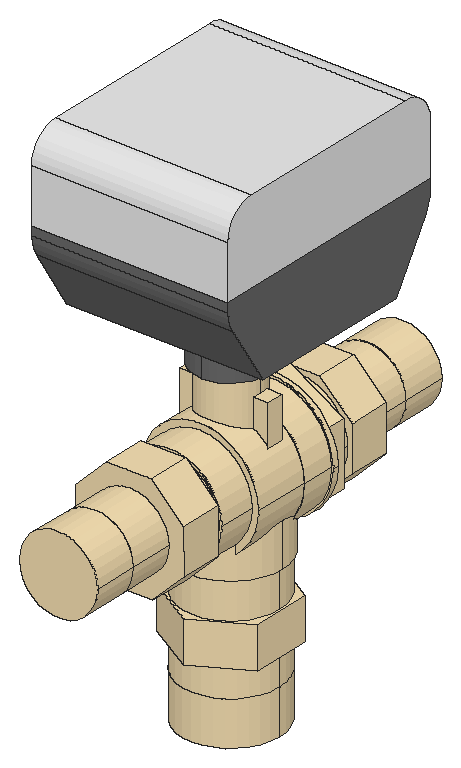
Revit family "1.rvt", category Pipe Accessories, Revit 2018
Family settings
  Round Connector Dimension = Use Diameter
  Part Type = Normal
  OmniClass Number = 23.65.00.00
  OmniClass Title = Supply and Distribution of Liquids and Gases
  Work Plane-Based = No
  Always vertical = No
  Cut with Voids When Loaded = No
  Shared = No
Parameters (values of type "1" - 3 ways")
  Youtube clip = ""
  Weight Net (Kg) = ""
  Voltage = 230 V
  Uniformat II Description = "HVAC"  # constant formula
  Uniformat II Code = "D30"  # constant formula
  Uniclass 2015 Name = "Heating, cooling and refrigeration systems"  # constant formula
  Uniclass 2015 Code = "Ss_60"  # constant formula
  Uniclass 2.0 Description = "Valves"  # constant formula
  Uniclass 2.0 Code = "PR-94"  # constant formula
  Uniclass 1.4 Description = "Valves"  # constant formula
  Uniclass 1.4 Code = "L7136"  # constant formula
  URL = "www.pintossi.it"
  UNSPSC Code = "401416"  # constant formula
  Torque = 800 mm  # constant formula
  Technical description = ""
  Rotation angle = "-10÷55°C"  # constant formula
  Region South America = "AR, BO, BR, CL, CO, EC, FK, GF, GY, PE, PY, SR, UY, VE"  # constant formula
  Region Oceania = "AS, AU, CK, FJ, FM, GU, KI, MH, MP, NC, NF, NR, NU, NZ, PF, PG, PN, PW, SB, TK, TL, TO, TV, UM, WF, WS, VU"  # constant formula
  Region North America = "AG, AI, AW, BB, BL, BM, BQ, BS, BZ, CA, CR, CU, CW, DM, DO, GD, GL, GP, GT, HN, HT, JM, KN, KY, LC, MF, MQ, MS, MX, NI, PA, PM, PR, SV, SX, TC, TT, US, VC, VG, VI"  # constant formula
  Region Middle East = "AE, AF, BH, EG, IL, IQ, IR, JO, KW, LB, OM, PS, QA, SA, SY, TR, YE"  # constant formula
  Region Europe = "AD, AL, AT, AX, BA, BE, BG, BY, CH, CY, CZ, DE, DK, EE, ES, FI, FO, FR, GB, GG, GI, GR, HR, HU, IE, IM, IS, IT, JE, LI, LT, LU, LV, MC, MD, ME, MK, MT, NL, NO, PL, PT, RO, RS, RU, SE, SI, SJ, SK, SM, UA, VA"  # constant formula
  Region Asia = "AM, AZ, BD, BN, BT, CC, CN, CX, GE, HK, ID, IN, IO, JP, KG, KH, KR, KZ, LA, LK, MM, MN, MO, MV, MY, NP, PH, PK, SG, TH, TJ, TM, TW, UZ, VN"  # constant formula
  Region Antarctica = "AQ, BV, GS, HM, TF"  # constant formula
  Region Africa = "AO, BF, BI, BJ, BW, CD, CF, CG, CI, CM, CV, DJ, DZ, EH, ER, ET, GA, GH, GM, GN, GQ, GW, KE, KM, LR, LS, LY, MA, MG, ML, MR, MU, MW, MZ, NA, NE, NG, RE, RW, SC, SD, SH, SL, SN, SO, SS, ST, SZ, TD, TG, TN, TZ, UG, YT, ZA, ZM, ZW"  # constant formula
  Radius Outer = 16.5 mm
  QR code = ""
  Protection level = 90.00°  # constant formula
  Product url = ""
  Product group = "Ball zone valves"  # constant formula
  Product family = "Zone valves"  # constant formula
  Product data url = "https://www.bimobject.com/pintossi/product/773-3-ways-ball-zone-valves"
  Product certification = ""
  Product SKU = ""
  Product Guid = "33698341-e965-4c2e-ad69-203d5952db6d"  # constant formula
  PH: = "Between 7 and 8Between 7 and 8"  # constant formula
  OmniClass Description = "Valves"  # constant formula
  OmniClass Code = "23-27 31 00"  # constant formula
  NBS Reference Description = "Valves"  # constant formula
  NBS Reference Code = "94"  # constant formula
  Motorized [instance] = yes
  Model = "773"  # constant formula
  Maximum working temperature = 110 °C  # constant formula
  Maximum working pressure = 1000000.0 Pa  # constant formula
  Maximum percentage of glycol [%] = 30  # constant formula
  Material secondary = ""
  Material main = "Brass"  # constant formula
  Masterformat 2014 Description = "Heating, Ventilating and Air Conditioning (HVAC)"  # constant formula
  Masterformat 2014 Code = "23 00 00"  # constant formula
  Manufacturer name = "Pintossi+c"  # constant formula
  Manufacturer country = ""
  Manufacturer = "Pintossi+c"  # constant formula
  Mainfold Length = 145 mm
  Main Inlet/Outlet Radius = 12.7 mm
  Main Inlet/Outlet Diameter = 25.4 mm
  Iron (FE): = "< 0,5 mg/kg (< 0,1 mg/kg for steam)"  # constant formula
  Installation instructions = ""
  IFC Classification = "Valve"  # constant formula
  G = 15 mm
  Fluid aspect: = "Limpid"  # constant formula
  Edition number = 1
  EAN code = ""
  Design country = "Italy"  # constant formula
  Description = "Pintossi+C motorized zone valves are the perfect solution to be used when a thermal regulation divided in more enviroments is needed, connecting the valve to a room thermostat, giving the information of opening/closing, depending on the set temperature.\r\n\r\nPintossi+C zone valves garantuee high performance levels: reduced dimensions and ease of use during installation allow to automatically intercept the fluid in hydraulic water systems and zone heating systems.\r\n\r\nBesides the valve is equipped with APS (Anti-locking Pintossi System) a unique patented mechanism which prevent the opening and closing operation locking caused by dirt and limescale.\r\n\r\n3 ways motorized zone valve can be used in traditional heating system to divert the flow back or to switch from summer to winter mode, to use the system to heat up or cool down the room.\r\n\r\nAll the valves are equipped with pipe unions for an easy installtion.\r\n\r\nMain features:\r\n\r\n- No seepage\r\n\r\n- Short opening and closing times\r\n\r\n- Operational capacity with high differential pressures\r\n\r\n- Low head losses thanks to the full bore flow\r\n\r\n- Match with any type of 3-contact controls\r\n\r\nThe valve can be easily motorized using Pintossi+C actuator art.770 that can be used even with manual option."  # constant formula
  Date of publishing = ""
  Copper (CU): = "< 0,1 mg/kg (< 0,05 mg/kg for steam)"  # constant formula
  Connector [instance] = if(Motorized, "Motorized electrical", "Not Available")  # "Motorized electrical"
  Conector Length = 75 mm
  Conditioning: = "as indicated by the producer"  # constant formula
  COBIe Type Category = ""
  Brand url = "http://www.pintossi.it/"
  Body Material = Pintossi - Metal - Brass CW617N
  BIMobject category = "HVAC: Other HVAC"  # constant formula
  Application fluids = "Water or glycol solutions"  # constant formula
  Antifreeze: = "Passiveted Propylene Glycol"  # constant formula
Types (2, lengths in mm): name | Radius Outer | Mainfold Length | Main Inlet/Outlet Radius | Main Inlet/Outlet Diameter | G | Conector Length
  1" - 3 ways | 16.5 | 145 | 12.7 | 25.4 | 15 | 75
  3/4" - 3 ways | 13.05 | 135 | 9.5 | 19.1 | 12 | 70
Reference planes
  plane 1 "Center (Front/Back)": y = 0
  plane 2: z = 0
  plane 3 "Center (Left/Right)": x = 0
  plane 4: y = 72.5
  plane 5: y = -72.5
  plane 6: z = -75
  plane 7: y = -57.5
  plane 8: y = 57.5
  plane 9: z = -60
Forms (mm)
  Sweep 1, solid, material "Pintossi - Metal - Brass CW617N" <- "Body Material", detail levels fine
    path origin (0, 0, 0) x (1, 0, 0) y (0, 1, 0)
      loop
        line (0, 42.4) -> (0, 28.4)
    profile origin (0, 35.4, 0) x (1, 0, 0) y (0, 0, 1)
      loop
        line (-18.358, 7.417) -> (-18.226, -7.736) -> (-7.417, -18.358) -> (7.736, -18.226) -> (18.358, -7.417) -> (18.226, 7.736) -> (7.417, 18.358) -> (-7.736, 18.226) -> (-18.358, 7.417)
  Sweep 2, solid, material "Pintossi - Metal - Brass CW617N" <- "Body Material", detail levels fine
    path origin (0, 0, 0) x (1, 0, 0) y (0, 1, 0)
      loop
        line (0, 24.916) -> (0, 28.4)
    profile origin (0, 26.658, 0) x (-1, 0, 0) y (0, 0, 1)
      loop
        circle (0, 0) r 16.5
  Sweep 3, solid, material "Pintossi - Metal - Brass CW617N" <- "Body Material", detail levels fine
    path origin (0, 0, 0) x (1, 0, 0) y (0, -1, 0)
      loop
        line (0, 42.4) -> (0, 28.4)
    profile origin (0, -35.4, 0) x (-1, 0, 0) y (0, 0, 1)
      loop
        line (18.358, 7.417) -> (7.736, 18.226) -> (-7.417, 18.358) -> (-18.226, 7.736) -> (-18.358, -7.417) -> (-7.736, -18.226) -> (7.417, -18.358) -> (18.226, -7.736) -> (18.358, 7.417)
  Sweep 4, solid, material "Pintossi - Metal - Brass CW617N" <- "Body Material", detail levels fine
    path origin (0, 0, 0) x (1, 0, 0) y (0, 1, 0)
      loop
        line (0, 24.916) -> (0, 18.7)
    profile origin (0, 21.808, 0) x (1, 0, 0) y (0, 0, 1)
      loop
        line (18.187, 10.5) -> (0, 21) -> (-18.187, 10.5) -> (-18.187, -10.5) -> (0, -21) -> (18.187, -10.5) -> (18.187, 10.5)
  Sweep 5, solid, material "Pintossi - Metal - Brass CW617N" <- "Body Material", detail levels fine
    path origin (0, 0, 0) x (1, 0, 0) y (0, 1, 0)
      loop
        line (0, 18.7) -> (0, 16.969)
    profile origin (0, 17.834, 0) x (1, 0, 0) y (0, 0, 1)
      loop
        circle (0, 0) r 21
  Sweep 6, solid, material "Pintossi - Metal - Brass CW617N" <- "Body Material", detail levels fine
    path origin (0, 0, 0) x (1, 0, 0) y (0, 1, 0)
      loop
        line (0, 16.969) -> (0, 5.967)
    profile origin (0, 11.468, 0) x (1, 0, 0) y (0, 0, 1)
      loop
        circle (0, 0) r 20.25
  Sweep 7, solid, material "Pintossi - Metal - Brass CW617N" <- "Body Material", detail levels fine
    path origin (0, 0, 0) x (1, 0, 0) y (0, 1, 0)
      loop
        line (0, 5.967) -> (0, -13)
    profile origin (0, -3.516, 0) x (1, 0, 0) y (0, 0, 1)
      loop
        circle (0, 0) r 19.75
  Sweep 8, solid, material "Pintossi - Metal - Brass CW617N" <- "Body Material", detail levels fine
    path origin (0, 0, 0) x (1, 0, 0) y (0, 1, 0)
      loop
        line (0, -13) -> (0, -25.8)
    profile origin (0, -19.4, 0) x (1, 0, 0) y (0, 0, 1)
      loop
        circle (0, 0) r 17.5
  Sweep 9, solid, material "Pintossi - Metal - Brass CW617N" <- "Body Material", not visible, detail levels fine
    path origin (0, 0, 0) x (1, 0, 0) y (0, 1, 0)
      loop
        line (0, -25.8) -> (0, -28.4)
    profile origin (0, -27.1, 0) x (1, 0, 0) y (0, 0, 1)
      loop
        circle (0, 0) r 16.5
  Sweep 10, solid, material "Pintossi - Metal - Brass CW617N" <- "Body Material", detail levels fine
    path origin (0, 0, 0) x (0, 1, 0) y (0, 0, 1)
      loop
        line (0, 0) -> (0, 32.689)
    profile origin (0, 0, 16.344) x (0, -1, 0) y (1, 0, 0)
      loop
        circle (0, 0) r 10
  Sweep 11, solid, material "Pintossi - Metal - Brass CW617N" <- "Body Material", detail levels fine
    path origin (0, 0, 0) x (0, 1, 0) y (0, 0, 1)
      loop
        line (0, 32.689) -> (0, 35.614)
    profile origin (0, 0, 34.152) x (0, -1, 0) y (1, 0, 0)
      loop
        circle (0, 0) r 8.25
  Sweep 12, solid, material "Pintossi - Metal - Brass CW617N" <- "Body Material", detail levels fine
    path origin (0, 0, 0) x (0, 1, 0) y (0, 0, 1)
      loop
        line (0, 35.614) -> (0, 37.2)
    profile origin (0, 0, 36.407) x (0, -1, 0) y (1, 0, 0)
      loop
        circle (0, 0) r 10
  Sweep 13, solid, material "Pintossi - Metal - Brass CW617N" <- "Body Material", detail levels fine
    path origin (0, 0, 0) x (1, 0, 0) y (0, 0, 1)
      loop
        line (0, 37.2) -> (0, 40)
    profile origin (0, 0, 38.6) x (-1, 0, 0) y (0, -1, 0)
      loop
        circle (0, 0) r 7.6
  Extrusion 14, solid, material "Pintossi - Metal - Brass CW617N" <- "Body Material", detail levels fine
    sketch origin (0, 0, 0) x (1, 0, 0) y (0, 1, 0)
      loop
        line (-8.572, 2.858) -> (-14.873, 2.858) -> (-14.873, -2.856) -> (-8.572, -2.856) -> (-8.572, 2.858)
    from 0 to 26.5
  Extrusion 15, solid, material "Pintossi - Metal - Brass CW617N" <- "Body Material", detail levels fine
    sketch origin (0, 0, 0) x (-1, 0, 0) y (0, -1, 0)
      loop
        line (-8.572, -2.858) -> (-8.572, 2.856) -> (-14.873, 2.856) -> (-14.873, -2.858) -> (-8.572, -2.858)
    from 0 to 26.5
  Sweep 16, solid, material "Pintossi - Metal - Brass CW617N" <- "Body Material", detail levels fine
    path origin (0, 0, 0) x (0, 1, 0) y (0, 0, 1)
      loop
        line (0, 0) -> (0, -24)
    profile origin (0, 0, -12) x (1, 0, 0) y (0, 1, 0)
      loop
        circle (0, 0) r 17.5
  Sweep 17, solid, material "Pintossi - Metal - Brass CW617N", detail levels fine
    path origin (0, 0, 0) x (0, 1, 0) y (0, 0, 1)
      loop
        line (0, -36.5) -> (0, -50.5)
    profile origin (0, 0, -43.5) x (1, 0, 0) y (0, 1, 0)
      loop
        line (17.147, 9.9) -> (0, 19.8) -> (-17.147, 9.9) -> (-17.147, -9.9) -> (0, -19.8) -> (17.147, -9.9) -> (17.147, 9.9)
  Sweep 18, solid, material "Pintossi - Metal - Brass CW617N" <- "Body Material", detail levels fine
    path origin (0, 0, 0) x (0, 1, 0) y (0, 0, 1)
      loop
        line (0, -60) -> (0, -75)
    profile origin (0, 0, -67.5) x (1, 0, 0) y (0, 1, 0)
      loop
        circle (0, 0) r 16.5
  Sweep 19, solid, material "Pintossi - Metal - Brass CW617N" <- "Body Material", detail levels fine
    path origin (0, 0, 0) x (0, 1, 0) y (0, 0, 1)
      loop
        line (0, -24) -> (0, -36.5)
    profile origin (0, 0, -30.25) x (1, 0, 0) y (0, 1, 0)
      loop
        circle (0, 0) r 16.5
  Sweep 20, solid, material "Pintossi - Metal - Brass CW617N" <- "Body Material", detail levels fine
    path origin (-0.007, 0, 0) x (1, 0, 0) y (0, 1, 0)
      loop
        line (0, -57.5) -> (0, -72.5)
    profile origin (-0.007, -65, 0) x (1, 0, 0) y (0, 0, 1)
      loop
        circle (0, 0) r 13.05
  Sweep 21, solid, material "Pintossi - Metal - Brass CW617N" <- "Body Material", detail levels fine
    path origin (0, 0, 0) x (1, 0, 0) y (0, 1, 0)
      loop
        line (-0.007, -57.5) -> (-0.007, -42.518)
    profile origin (-0.007, -50.009, 0) x (-1, 0, 0) y (0, 0, 1)
      loop
        circle (-0.007, 0) r 13
  Sweep 22, solid, material "Pintossi - Metal - Brass CW617N" <- "Body Material", detail levels fine
    path origin (0, 0, 0) x (1, 0, 0) y (0, 1, 0)
      loop
        line (0, -25.828) -> (0, -35.028)
    profile origin (0, -30.428, 0) x (1, 0, 0) y (0, 0, 1)
      loop
        circle (0, 0) r 16.6
  Extrusion 23, solid, material "Pintossi - Plastic - Black ABS", visible <- "Motorized", detail levels fine
    sketch origin (-0.015, 5.987, -91.811) x (0, 1, 0) y (-1, 0, 0)
      loop
        circle (-5.987, -0.015) r 12.093
    from 124.5 to 142.5
  Extrusion 24, solid, material "Pintossi - Plastic - ABS", visible <- "Motorized", detail levels fine
    sketch origin (-0.015, 0.225, -91.811) x (0, 1, 0) y (0, 0, 1)
      loop
        arc (-32.54, 200.5) -> (-39.765, 197.507) -> (-42.757, 190.283) r 10.217
        line (-42.757, 190.283) -> (-42.757, 172.272) -> (42.307, 172.272) -> (42.307, 190.283)
        arc (42.307, 190.283) -> (39.314, 197.507) -> (32.09, 200.5) r 10.217
        line (32.09, 200.5) -> (-32.54, 200.5)
    from -33 to 33.076
  Extrusion 25, solid, material "Pintossi - Plastic - Black ABS", visible <- "Motorized", detail levels fine
    sketch origin (-0.015, 1.817, -78.651) x (0, 1, 0) y (0, 0, 1)
      loop
        line (-29.782, 129.339) -> (26.147, 129.339) -> (38.803, 149.593)
        arc (38.803, 149.593) -> (40.217, 152.769) -> (40.701, 156.21) r 12.487
        line (40.701, 156.21) -> (40.701, 159.111) -> (-44.335, 159.111) -> (-44.335, 156.21)
        arc (-44.335, 156.21) -> (-43.852, 152.769) -> (-42.438, 149.593) r 12.487
        line (-42.438, 149.593) -> (-29.782, 129.339)
    from -33 to 33.076
  Extrusion 26, solid, material "Pintossi - Plastic - Black ABS", visible <- "Motorized", detail levels fine
    sketch origin (-0.015, 7.579, -78.651) x (0, 1, 0) y (0, 0, 1)
      loop
        circle (6.785, 139.455) r 5
    from -23.92 to -34.876
  Extrusion 27, solid, material "Pintossi - Plastic - Black ABS", visible <- "Motorized", not visible, detail levels fine
    sketch origin (-0.015, 5.987, -91.811) x (0, 1, 0) y (-1, 0, 0)
      loop
        circle (-5.987, -0.015) r 12.093
    from 124.5 to 142.5
  Sweep 28, solid, material "Pintossi - Metal - Brass CW617N" <- "Body Material", detail levels fine
    path origin (-0.007, 0, 0) x (1, 0, 0) y (0, 1, 0)
      loop
        line (0, 57.5) -> (0, 72.5)
    profile origin (-0.007, 65, 0) x (-1, 0, 0) y (0, 0, 1)
      loop
        circle (0, 0) r 13.05
  Sweep 29, solid, material "Pintossi - Metal - Brass CW617N" <- "Body Material", detail levels fine
    path origin (0, 0, 0) x (1, 0, 0) y (0, -1, 0)
      loop
        line (-0.007, -57.5) -> (-0.007, -42.4)
    profile origin (-0.007, 49.95, 0) x (1, 0, 0) y (0, 0, 1)
      loop
        circle (0.007, 0) r 13
  Sweep 30, solid, material "Pintossi - Metal - Brass CW617N" <- "Body Material", detail levels fine
    path origin (0, 0, 15) x (0, 1, 0) y (0, 0, 1)
      loop
        line (0, -65.5) -> (0, -75)
    profile origin (0, 0, -55.25) x (1, 0, 0) y (0, 1, 0)
      loop
        circle (0, 0) r 16.5
Cuts and joins
  joined: Sweep 10, Extrusion 15
  joined: Sweep 6, Sweep 7, Sweep 8, Sweep 16
Lines and regions (mm)
  model lines, detail levels coarse+medium
    curve 1: line (0, 72.5, 30.5) -> (0, 72.5, -29.5)
    curve 2: line (0, 72.5, 30.5) -> (0, 13.826, 5.817)
    curve 3: circle (0, 0, 0) r 15 normal (1, 0, 0)
    curve 4: line (0, 72.5, -29.5) -> (0, 13.894, -5.653)
    curve 5: line (0, -72.5, 30.5) -> (0, -72.5, -29.5)
    curve 6: line (0, -72.5, 30.5) -> (0, -13.826, 5.817)
    curve 7: line (0, -72.5, -29.5) -> (0, -13.894, -5.653)
    curve 13: line (0, -36.861, -75) -> (0, -6.153, -13.894)
    curve 31: line (0, 36.861, -75) -> (0, 6.153, -13.894)
    curve 32: line (0, 36.861, -75) -> (0, -36.861, -75)
  model lines, visible <- "Motorized", detail levels coarse+medium
    curve 8: line (0, 42.528, 32.689) -> (0, -42.528, 32.689)
    curve 9: line (0, 42.528, 62.689) -> (0, 42.528, 32.689)
    curve 10: line (0, -42.528, 62.689) -> (0, 42.528, 62.689)
    curve 11: line (0, -42.528, 32.689) -> (0, -42.528, 62.689)
    curve 12: line (0, 0, 32.689) -> (0, 0, 15)
  symbolic lines
    curve 14: circle (0, 0, 0) r 15 normal (0, 0, 1)
    curve 15: line (-30, 72.5, 0) -> (30, 72.5, 0)
    curve 16: line (-30, 72.5, 0) -> (-6.286, 13.619, 0)
    curve 17: line (30, 72.5, 0) -> (6.118, 13.255, 0)
    curve 18: line (-30, -72.5, 0) -> (30, -72.5, 0)
    curve 19: line (-30, -72.5, 0) -> (-6.286, -13.619, 0)
    curve 20: line (30, -72.5, 0) -> (6.118, -13.255, 0)
    curve 21: line (65, 30.028, 0) -> (65, -30.028, 0)
    curve 22: line (65, 30.028, 0) -> (13.619, 6.286, 0)
    curve 23: line (65, -30.028, 0) -> (13.255, -6.118, 0)
  symbolic lines, visible <- "Motorized"
    curve 24: line (-15, 0, 0) -> (-32.7, 0, 0)
    curve 25: line (-32.7, -50.028, 0) -> (-62.7, -50.028, 0)
    curve 26: line (-62.7, -50.028, 0) -> (-62.7, 50.028, 0)
    curve 27: line (-62.7, 50.028, 0) -> (-32.7, 50.028, 0)
    curve 28: line (-32.7, 50.028, 0) -> (-32.7, -50.028, 0)
  model lines, not visible
    curve 29: line (0, 0, 50.689) -> (0, 0, 49.184)
    curve 30: line (0, 0, 50.689) -> (0, 0, 49.184)
Dimensions and locks
  equal spacing: plane 5, plane 1 "Center (Front/Back)", plane 4
  "Mainfold Length": plane 5 to plane 4
  "Conector Length": level to plane 6
  "G": plane 7 to plane 5
  "G": plane 8 to plane 4
  locked: Extrusion 25 sketch curve to Extrusion 25 sketch curve at 55.929
  equal spacing: Extrusion 25 sketch curve, plane 1 "Center (Front/Back)", Extrusion 25 sketch curve
  locked: Extrusion 24 sketch curve to Extrusion 24 sketch curve at 85.064
  equal spacing: Extrusion 24 sketch curve, plane 1 "Center (Front/Back)", Extrusion 24 sketch curve
  "G": plane 9 to plane 6
  "Radius Outer": radius of Sweep 18 sketch curve
  "Radius Outer": radius of Sweep 30 sketch curve
  aligned and locked: level to plane 2
  aligned and locked: Sweep 3 to Sweep 9  (x2)
  aligned and locked: Sweep 9 to Sweep 8
  aligned and locked: Sweep 8 to Sweep 7
  aligned and locked: Sweep 2 to Sweep 1
  aligned and locked: Sweep 4 to Sweep 2
  aligned and locked: Sweep 4 to Sweep 5
  aligned and locked: Sweep 5 to Sweep 6
  aligned and locked: Sweep 6 to Sweep 7
  aligned and locked: Sweep 7 to Sweep 8
  aligned and locked: Sweep 8 to Sweep 9
  aligned and locked: plane 5 to Sweep 20
  aligned and locked: Sweep 8 to Sweep 8
  aligned and locked: curve 1 to plane 4
  aligned and locked: curve 5 to plane 5
  aligned and locked: plane 1 "Center (Front/Back)" to curve 12
  aligned and locked: curve 29 to plane 1 "Center (Front/Back)"
  aligned and locked: plane 6 to Sweep 18 sketch curve
  aligned and locked: curve 32 to plane 6
  aligned and locked: Extrusion 25 to Sweep 21 sketch curve
  aligned and locked: plane 7 to Sweep 21 sketch curve
  aligned and locked: Sweep 21 to Sweep 20 sketch curve
  aligned and locked: plane 5 to Sweep 20 sketch curve
  aligned and locked: Sweep 28 sketch curve to Sweep 29
  aligned and locked: plane 8 to Sweep 29 sketch curve
  aligned and locked: plane 4 to Sweep 28 sketch curve
  aligned and locked: plane 4 to curve 15
  aligned and locked: plane 5 to curve 18
  aligned and locked: Sweep 1 to Sweep 29 sketch curve
  aligned and locked: plane 1 "Center (Front/Back)" to Sweep 18 sketch curve
  aligned and locked: Sweep 17 to Sweep 19 sketch curve
  aligned and locked: Sweep 17 to Sweep 30 sketch curve
  aligned and locked: Sweep 30 sketch curve to Sweep 18
Automatic sketch dimensions
  curve 29 to curve 29 = 1.505 mm
  curve 30 to curve 30 = 1.505 mm
  curve 3 to level = 0 mm
  curve 3 to plane 1 "Center (Front/Back)" = 0 mm
  plane 7 to curve 8 = 14.972 mm
  plane 7 to curve 32 = 20.639 mm
  plane 8 to curve 31 = 20.639 mm
  plane 8 to curve 9 = 14.972 mm
  curve 4 to level = 29.5 mm
  curve 7 to level = 29.5 mm
  level to curve 5 = 30.5 mm
  level to curve 2 = 30.5 mm
  curve 5 to curve 11 = 2.189 mm
  curve 8 to curve 9 = 30 mm
  curve 7 to level = 5.653 mm
  plane 1 "Center (Front/Back)" to curve 7 = 13.894 mm
  level to curve 6 = 5.817 mm
  plane 1 "Center (Front/Back)" to curve 13 = 6.153 mm
  curve 31 to plane 1 "Center (Front/Back)" = 6.153 mm
  level to curve 2 = 5.817 mm
  curve 4 to level = 5.653 mm
  curve 13 to curve 7 = 8.24 mm
  curve 31 to curve 4 = 8.24 mm
  plane 1 "Center (Front/Back)" to curve 24 = 0 mm
  plane 1 "Center (Front/Back)" to curve 14 = 0 mm
  curve 14 to plane 3 "Center (Left/Right)" = 0 mm
  curve 19 to plane 3 "Center (Left/Right)" = 30 mm
  curve 16 to plane 3 "Center (Left/Right)" = 30 mm
  plane 7 to curve 28 = 7.472 mm
  curve 28 to curve 18 = 2.7 mm
  plane 8 to curve 26 = 7.472 mm
  curve 26 to curve 27 = 30 mm
  plane 3 "Center (Left/Right)" to curve 17 = 30 mm
  plane 3 "Center (Left/Right)" to curve 20 = 30 mm
  plane 8 to curve 22 = 27.472 mm
  curve 15 to curve 22 = 35 mm
  plane 7 to curve 21 = 27.472 mm
  curve 19 to plane 3 "Center (Left/Right)" = 6.286 mm
  curve 16 to plane 3 "Center (Left/Right)" = 6.286 mm
  curve 24 to plane 3 "Center (Left/Right)" = 15 mm
  plane 3 "Center (Left/Right)" to curve 17 = 6.118 mm
  plane 3 "Center (Left/Right)" to curve 20 = 6.118 mm
  plane 1 "Center (Front/Back)" to curve 23 = 6.118 mm
  curve 20 to curve 23 = 7.138 mm  (x2)
  curve 22 to plane 1 "Center (Front/Back)" = 6.286 mm
  curve 22 to curve 17 = 6.97 mm
  Sweep 1 sketch curve to plane 3 "Center (Left/Right)" = 0 mm
  Sweep 1 sketch curve to plane 1 "Center (Front/Back)" = 28.4 mm
  Sweep 1 sketch curve to Sweep 1 sketch curve = 14 mm
  level to Sweep 1 sketch curve = 7.417 mm
  profile plane to Sweep 1 sketch curve = 18.358 mm
  Sweep 1 sketch curve to level = 7.736 mm
  Sweep 1 sketch curve to Sweep 1 sketch curve = 0.132 mm  (x2)
  profile plane to Sweep 1 sketch curve = 7.736 mm
  profile plane to Sweep 1 sketch curve = 7.417 mm
  Sweep 1 sketch curve to profile plane = 7.417 mm
  Sweep 1 sketch curve to profile plane = 7.736 mm
  level to Sweep 1 sketch curve = 7.736 mm
  Sweep 1 sketch curve to Sweep 1 sketch curve = 10.809 mm  (x3)
  Sweep 1 sketch curve to level = 7.417 mm
  Sweep 1 sketch curve to Sweep 1 sketch curve = 10.622 mm  (x2)
  Sweep 2 sketch curve to plane 3 "Center (Left/Right)" = 0 mm
  Sweep 2 sketch curve to plane 1 "Center (Front/Back)" = 24.916 mm
  Sweep 2 sketch curve to Sweep 2 sketch curve = 3.484 mm
  Sweep 2 sketch curve to level = 0 mm
  Sweep 2 sketch curve to profile plane = 0 mm
  Sweep 3 sketch curve to plane 3 "Center (Left/Right)" = 0 mm
  Sweep 3 sketch curve to plane 1 "Center (Front/Back)" = 28.4 mm
  Sweep 3 sketch curve to Sweep 3 sketch curve = 14 mm
  Sweep 3 sketch curve to level = 7.417 mm
  profile plane to Sweep 3 sketch curve = 18.358 mm
  level to Sweep 3 sketch curve = 7.736 mm
  Sweep 3 sketch curve to Sweep 3 sketch curve = 0.132 mm  (x2)
  profile plane to Sweep 3 sketch curve = 7.736 mm
  profile plane to Sweep 3 sketch curve = 7.417 mm
  Sweep 3 sketch curve to profile plane = 7.417 mm
  Sweep 3 sketch curve to profile plane = 7.736 mm
  Sweep 3 sketch curve to level = 7.736 mm
  Sweep 3 sketch curve to Sweep 3 sketch curve = 10.809 mm  (x3)
  level to Sweep 3 sketch curve = 7.417 mm
  Sweep 3 sketch curve to Sweep 3 sketch curve = 10.622 mm  (x2)
  Sweep 4 sketch curve to plane 3 "Center (Left/Right)" = 0 mm
  Sweep 4 sketch curve to plane 1 "Center (Front/Back)" = 18.7 mm
  Sweep 4 sketch curve to Sweep 4 sketch curve = 6.216 mm
  profile plane to Sweep 4 sketch curve = 0 mm  (x2)
  profile plane to Sweep 4 sketch curve = 18.187 mm
  Sweep 4 sketch curve to profile plane = 18.187 mm
  Sweep 4 sketch curve to level = 21 mm
  Sweep 4 sketch curve to level = 10.5 mm  (x2)
  level to Sweep 4 sketch curve = 10.5 mm  (x2)
  Sweep 4 sketch curve to Sweep 4 sketch curve = 10.5 mm
  Sweep 5 sketch curve to plane 3 "Center (Left/Right)" = 0 mm
  Sweep 5 sketch curve to plane 1 "Center (Front/Back)" = 16.969 mm
  Sweep 5 sketch curve to Sweep 5 sketch curve = 1.731 mm
  Sweep 5 sketch curve to level = 0 mm
  profile plane to Sweep 5 sketch curve = 0 mm
  Sweep 6 sketch curve to plane 3 "Center (Left/Right)" = 0 mm
  Sweep 6 sketch curve to plane 1 "Center (Front/Back)" = 5.967 mm
  Sweep 6 sketch curve to Sweep 6 sketch curve = 11.001 mm
  Sweep 6 sketch curve to level = 0 mm
  profile plane to Sweep 6 sketch curve = 0 mm
  Sweep 7 sketch curve to plane 3 "Center (Left/Right)" = 0 mm
  plane 1 "Center (Front/Back)" to Sweep 7 sketch curve = 13 mm
  Sweep 7 sketch curve to plane 1 "Center (Front/Back)" = 5.967 mm
  Sweep 7 sketch curve to level = 0 mm
  profile plane to Sweep 7 sketch curve = 0 mm
  Sweep 8 sketch curve to plane 3 "Center (Left/Right)" = 0 mm
  plane 1 "Center (Front/Back)" to Sweep 8 sketch curve = 25.8 mm
  Sweep 8 sketch curve to Sweep 8 sketch curve = 12.8 mm
  Sweep 8 sketch curve to level = 0 mm
  profile plane to Sweep 8 sketch curve = 0 mm
  Sweep 9 sketch curve to plane 3 "Center (Left/Right)" = 0 mm
  plane 1 "Center (Front/Back)" to Sweep 9 sketch curve = 28.4 mm
  Sweep 9 sketch curve to Sweep 9 sketch curve = 2.6 mm
  Sweep 9 sketch curve to level = 0 mm
  profile plane to Sweep 9 sketch curve = 0 mm
  Sweep 10 sketch curve to plane 1 "Center (Front/Back)" = 0 mm
  Sweep 10 sketch curve to level = 0 mm
  level to Sweep 10 sketch curve = 32.689 mm
  Sweep 10 sketch curve to plane 3 "Center (Left/Right)" = 0 mm
  Sweep 10 sketch curve to profile plane = 0 mm
  Sweep 11 sketch curve to plane 1 "Center (Front/Back)" = 0 mm
  level to Sweep 11 sketch curve = 32.689 mm
  Sweep 11 sketch curve to Sweep 11 sketch curve = 2.926 mm
  Sweep 11 sketch curve to plane 3 "Center (Left/Right)" = 0 mm
  Sweep 11 sketch curve to profile plane = 0 mm
  Sweep 12 sketch curve to plane 1 "Center (Front/Back)" = 0 mm
  level to Sweep 12 sketch curve = 35.614 mm
  Sweep 12 sketch curve to Sweep 12 sketch curve = 1.586 mm
  Sweep 12 sketch curve to plane 3 "Center (Left/Right)" = 0 mm
  Sweep 12 sketch curve to profile plane = 0 mm
  Sweep 13 sketch curve to plane 3 "Center (Left/Right)" = 0 mm
  level to Sweep 13 sketch curve = 37.2 mm
  Sweep 13 sketch curve to Sweep 13 sketch curve = 2.8 mm
  plane 1 "Center (Front/Back)" to Sweep 13 sketch curve = 0 mm
  Sweep 13 sketch curve to profile plane = 0 mm
  Extrusion 14 sketch curve to plane 1 "Center (Front/Back)" = 2.858 mm
  Extrusion 14 sketch curve to plane 3 "Center (Left/Right)" = 14.873 mm
  plane 1 "Center (Front/Back)" to Extrusion 14 sketch curve = 2.856 mm
  Extrusion 14 sketch curve to Extrusion 14 sketch curve = 6.301 mm
  plane 1 "Center (Front/Back)" to Extrusion 15 sketch curve = 2.858 mm
  Extrusion 15 sketch curve to plane 3 "Center (Left/Right)" = 14.873 mm
  Extrusion 15 sketch curve to plane 1 "Center (Front/Back)" = 2.856 mm
  Extrusion 15 sketch curve to Extrusion 15 sketch curve = 6.301 mm
  Sweep 16 sketch curve to plane 1 "Center (Front/Back)" = 0 mm
  Sweep 16 sketch curve to level = 0 mm
  Sweep 16 sketch curve to level = 24 mm
  Sweep 16 sketch curve to plane 3 "Center (Left/Right)" = 0 mm
  profile plane to Sweep 16 sketch curve = 0 mm
  Sweep 17 sketch curve to plane 1 "Center (Front/Back)" = 0 mm
  plane 9 to Sweep 17 sketch curve = 9.5 mm
  Sweep 17 sketch curve to Sweep 17 sketch curve = 14 mm
  Sweep 17 sketch curve to plane 3 "Center (Left/Right)" = 0 mm  (x2)
  Sweep 17 sketch curve to plane 3 "Center (Left/Right)" = 17.147 mm
  plane 3 "Center (Left/Right)" to Sweep 17 sketch curve = 17.147 mm
  profile plane to Sweep 17 sketch curve = 19.8 mm
  profile plane to Sweep 17 sketch curve = 9.9 mm  (x2)
  Sweep 17 sketch curve to profile plane = 9.9 mm  (x2)
  Sweep 17 sketch curve to Sweep 17 sketch curve = 9.9 mm
  Sweep 18 sketch curve to plane 9 = 0 mm
  Sweep 18 sketch curve to plane 3 "Center (Left/Right)" = 0 mm
  profile plane to Sweep 18 sketch curve = 0 mm
  Sweep 19 sketch curve to plane 1 "Center (Front/Back)" = 0 mm
  Sweep 19 sketch curve to Sweep 19 sketch curve = 12.5 mm
  Sweep 19 sketch curve to plane 3 "Center (Left/Right)" = 0 mm
  profile plane to Sweep 19 sketch curve = 0 mm
  Sweep 20 sketch curve to plane 3 "Center (Left/Right)" = 0.007 mm
  profile plane to Sweep 20 sketch curve = 0 mm
  Sweep 20 sketch curve to profile plane = 0 mm
  Sweep 21 sketch curve to plane 3 "Center (Left/Right)" = 0.007 mm
  Sweep 21 sketch curve to level = 0 mm
  profile plane to Sweep 21 sketch curve = 0.007 mm
  Sweep 22 sketch curve to plane 3 "Center (Left/Right)" = 0 mm
  plane 7 to Sweep 22 sketch curve = 22.472 mm
  Sweep 22 sketch curve to Sweep 22 sketch curve = 9.2 mm
  Sweep 22 sketch curve to level = 0 mm
  profile plane to Sweep 22 sketch curve = 0 mm
  Extrusion 24 sketch curve to Extrusion 24 sketch curve = 10.217 mm  (x2)
  level to Extrusion 24 sketch curve = 80.46 mm
  Extrusion 24 sketch curve to Extrusion 24 sketch curve = 18.011 mm
  Extrusion 25 sketch curve to Extrusion 25 sketch curve = 2.067 mm  (x2)
  Extrusion 25 sketch curve to Extrusion 25 sketch curve = 10.589 mm  (x2)
  Extrusion 25 sketch curve to Extrusion 25 sketch curve = 1.897 mm  (x2)
  level to Extrusion 25 sketch curve = 50.689 mm
  Extrusion 25 sketch curve to Extrusion 25 sketch curve = 20.254 mm  (x2)
  Extrusion 25 sketch curve to Extrusion 25 sketch curve = 2.901 mm
  Extrusion 26 sketch curve to plane 1 "Center (Front/Back)" = 14.365 mm
  level to Extrusion 26 sketch curve = 60.804 mm
  Sweep 28 sketch curve to plane 3 "Center (Left/Right)" = 0.007 mm
  Sweep 28 sketch curve to profile plane = 0 mm  (x2)
  plane 3 "Center (Left/Right)" to Sweep 29 sketch curve = 0.007 mm
  Sweep 29 sketch curve to level = 0 mm
  Sweep 29 sketch curve to profile plane = 0.007 mm
  Sweep 30 sketch curve to plane 3 "Center (Left/Right)" = 0 mm
  profile plane to Sweep 30 sketch curve = 0 mm
  Sweep 30 sketch curve to plane 9 = 0 mm
  radius of Extrusion 23 sketch curve = 12.093 mm
  radius of Extrusion 27 sketch curve = 12.093 mm
  radius of Sweep 2 sketch curve = 16.5 mm
  radius of Sweep 5 sketch curve = 21 mm
  radius of Sweep 6 sketch curve = 20.25 mm
  radius of Sweep 7 sketch curve = 19.75 mm
  radius of Sweep 8 sketch curve = 17.5 mm
  radius of Sweep 9 sketch curve = 16.5 mm
  radius of Sweep 10 sketch curve = 10 mm
  radius of Sweep 11 sketch curve = 8.25 mm
  radius of Sweep 12 sketch curve = 10 mm
  radius of Sweep 13 sketch curve = 7.6 mm
  radius of Sweep 16 sketch curve = 17.5 mm
  radius of Sweep 19 sketch curve = 16.5 mm
  radius of Sweep 20 sketch curve = 13.05 mm
  radius of Sweep 21 sketch curve = 13 mm
  radius of Sweep 22 sketch curve = 16.6 mm
  radius of Extrusion 26 sketch curve = 5 mm
  radius of Sweep 28 sketch curve = 13.05 mm
  radius of Sweep 29 sketch curve = 13 mm
Connectors
  electrical at (-34.891, 14.365, 60.804), driven by "Voltage", driven by "Connector"
    settings: on Extrusion 26, index 7, voltage 230 V, apparent load 0 VA, apparent load phase1 0 VA, apparent load phase2 0 VA, apparent load phase3 0 VA, power factor 1, load classification "Other", number of poles 1, system type 30, power factor state 1, is connector primary yes, connector utility no, sub classification motor no, connector description "Motorized electrical"
  piping at (0, 0, -75), diameter 25.4, driven by "Main Inlet/Outlet Diameter"
    settings: on Sweep 18, index 8, connector inside diameter 609.6 mm, connector length 0 mm, flow factor 0, pipe flow 0.0 L/s, pressure drop 0.0 Pa, fitting loss kfactor 0, connector angle 0.00°, fixture units 0, engagement length 0 mm, angle of deflection 0.00°, flow configuration 0, flow direction 0, fitting loss method 0, system type 29, joint type 0, gender type 0, connector reference index -1, connector utility 0, adjustable connector no, is connector primary yes, connector description ""
